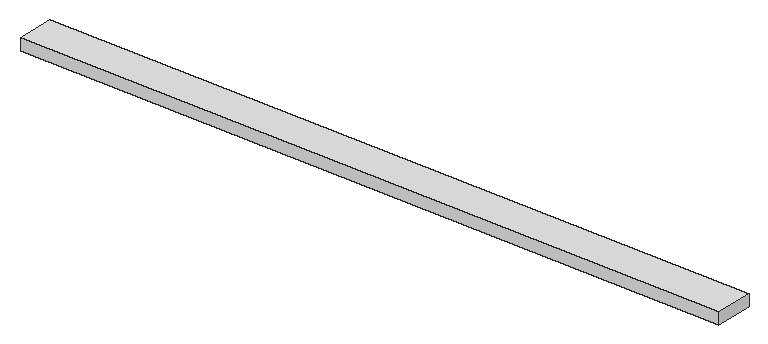
Revit family "11-TRIMBOARD-AND-STEALTH-TRIM-CADS-84-1-X-3-4-REVIT_Versatex-Generic-Model-1in-x-3in-TRIMBOARD", category Generic Models, host Face, Revit 2026
Family settings
  Host = Face
  Can host rebar = No
  Round Connector Dimension = Use Diameter
  Part Type = Normal
  Cut with Voids When Loaded = No
  Maintain Annotation Orientation = No
  Shared = No
  Room Calculation Point = No
Parameters
  Model = "TBSM/TR010318"
  Length = 4' - 0"
  Warranty = "https://versatex.com/warranty/"
  URL = "https://versatex.com/"
  Specification = "https://www.arcat.com/company/versatex-45716/spec?coid=45716"
  Sales Information = "https://versatex.com/dealer-locator/"
  Message Manufacturer = "https://versatex.com/contact/"
  Material = Versatex PVC - Smooth
  Manufacturer Website = "https://versatex.com/"
  Manufacturer Phone = "724-857-1111"
  Manufacturer Fax = "724-857-1171"
  Manufacturer Address = "400 Steel Street, Aliquippa, PA 15001"
  Manufacturer = "Versatex"
  Literature = "https://versatex.com/literature/?_sft_literature_category=cads"
  Description = "NOMINAL 1” x 3” TRIMBOARD"
  Default Elevation = 4' - 0"
  Copyright = "© 2024 VERSATEX Building Products, LLC"
Reference planes (in)
  plane 1 "Center (Front/Back)": y = 0
  plane 2: z = 0
  plane 3 "Center (Left/Right)": x = 0
  plane 4: x = 24
  plane 5: x = -24
Forms (in)
  Sweep 1, solid, material "Versatex PVC - Smooth" <- "Material"
    path origin (0, 0, 0) x (1, 0, 0) y (0, 1, 0)
      loop
        line (-24, 0) -> (24, 0)
    profile "Versatex_Profile_1” x 3” TRIMBOARD : Versatex_Profile_1” x 3” TRIMBOARD" origin (0, 0, 0) x (0, 1, 0) y (0, 0, 1)
      loop
        line (0, 0) -> (2.5, 0) -> (2.5, 0.75) -> (0, 0.75) -> (0, 0)
Dimensions and locks (in)
  "Length": plane 5 to plane 4
  equal spacing: plane 5, plane 3 "Center (Left/Right)", plane 4, locked at 24 each
  aligned and locked: plane 2 to host face
  aligned and locked: level to host face
Automatic sketch dimensions
  host sketch curve to host sketch curve = 8' - 0"  (x2)
  plane 1 "Center (Front/Back)" to Sweep 1 sketch curve = 0' - 0"
  Sweep 1 sketch curve to plane 5 = 0' - 0"
  Sweep 1 sketch curve to plane 4 = 0' - 0"
